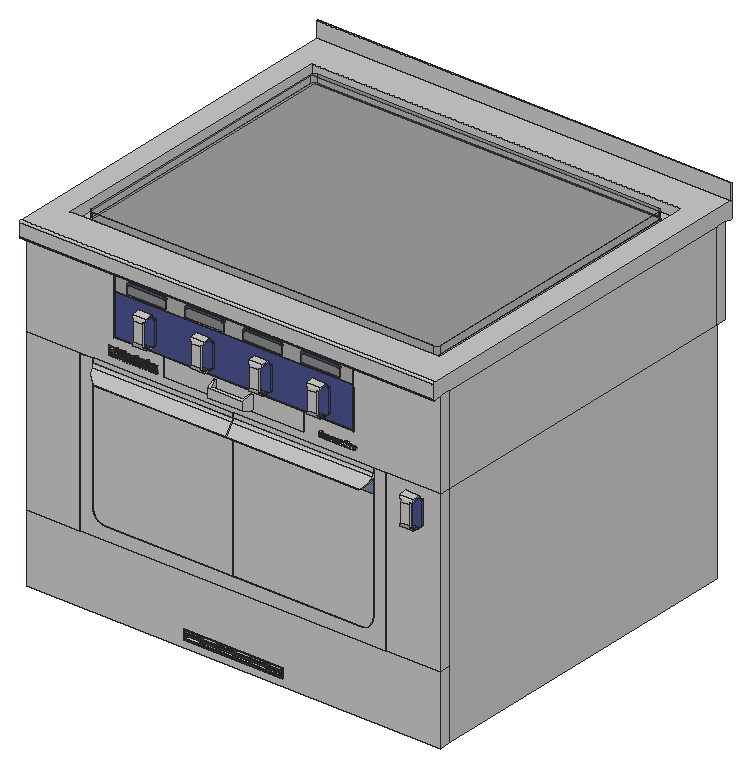
Revit family "QF_ELECTROLUXPROFESSIONAL_589702_MCLPFBJ4AO", category Attrezzature speciali, Revit 2020 (continued)
Definition of nested family "Front_Panel_W1000_Four Knobs"
  Definition of nested family "ELX_Professional_Logo_Small"
    Forms (mm)
      Extrusion 2, solid, material <- "Material_Logo"
        sketch origin (15.5, 0, 0) x (1, 0, 0) y (0, 1, 0)
          loop
            line (-10.76, -2.066) -> (-12.295, -0.468)
            spline (-12.295, -0.468) -> (-12.474, -0.643) -> (-12.659, -0.805) -> (-12.85, -0.953) -> (-13.048, -1.087) -> (-13.254, -1.206) -> (-13.467, -1.311) -> (-13.69, -1.4) -> (-13.921, -1.475) -> (-14.162, -1.533) -> (-14.414, -1.575) -> (-14.677, -1.6) -> (-14.951, -1.609)
            spline (-14.951, -1.609) -> (-15.398, -1.581) -> (-15.823, -1.497) -> (-16.223, -1.362) -> (-16.596, -1.179) -> (-16.937, -0.95) -> (-17.243, -0.678) -> (-17.512, -0.367) -> (-17.739, -0.02) -> (-17.921, 0.36) -> (-18.055, 0.771) -> (-18.138, 1.208) -> (-18.167, 1.669)
          loop
            spline (-4.441, -1.243) -> (-4.659, -1.247) -> (-4.894, -1.23) -> (-5.137, -1.19) -> (-5.384, -1.121) -> (-5.628, -1.021) -> (-5.864, -0.884) -> (-6.084, -0.708) -> (-6.283, -0.488) -> (-6.454, -0.219) -> (-6.592, 0.101) -> (-6.69, 0.478) -> (-6.742, 0.914)
            line (-6.742, 0.914) -> (-6.742, 4.587) -> (-4.487, 4.587) -> (-4.487, 6.838) -> (-6.738, 6.838) -> (-6.738, 10.824) -> (-9.217, 10.824) -> (-9.217, 0.773)
            spline (-9.217, 0.773) -> (-9.164, 0.19) -> (-9.068, -0.358) -> (-8.928, -0.87) -> (-8.742, -1.343) -> (-8.511, -1.777) -> (-8.232, -2.168) -> (-7.904, -2.515) -> (-7.527, -2.816) -> (-7.098, -3.069) -> (-6.618, -3.273) -> (-6.084, -3.426) -> (-5.496, -3.525)
            line (-5.496, -3.525) -> (-4.45, -3.573) -> (-4.441, -1.243)
          loop
            spline (3.898, 6.983) -> (3.469, 7.009) -> (3.056, 7.001) -> (2.661, 6.961) -> (2.283, 6.888) -> (1.925, 6.785) -> (1.588, 6.652) -> (1.272, 6.49) -> (0.979, 6.301) -> (0.71, 6.085) -> (0.465, 5.844) -> (0.247, 5.578) -> (0.056, 5.289)
            line (0.056, 5.289) -> (0.056, 6.838) -> (-2.402, 6.838) -> (-2.402, -3.572) -> (0.056, -3.572) -> (0.056, 1.901)
            spline (0.056, 1.901) -> (0.079, 2.316) -> (0.145, 2.703) -> (0.254, 3.06) -> (0.404, 3.386) -> (0.592, 3.679) -> (0.818, 3.938) -> (1.08, 4.162) -> (1.375, 4.348) -> (1.703, 4.495) -> (2.062, 4.602) -> (2.45, 4.668) -> (2.865, 4.69)
            line (2.865, 4.69) -> (3.898, 4.586) -> (3.898, 6.983)
          loop
            spline (15.638, 1.633) -> (15.586, 2.396) -> (15.435, 3.124) -> (15.192, 3.81) -> (14.863, 4.449) -> (14.455, 5.034) -> (13.975, 5.56) -> (13.43, 6.021) -> (12.826, 6.411) -> (12.17, 6.724) -> (11.469, 6.955) -> (10.729, 7.098) -> (9.958, 7.147)
            spline (9.958, 7.147) -> (9.182, 7.098) -> (8.44, 6.955) -> (7.737, 6.724) -> (7.081, 6.411) -> (6.477, 6.021) -> (5.933, 5.56) -> (5.454, 5.034) -> (5.048, 4.449) -> (4.721, 3.81) -> (4.479, 3.124) -> (4.329, 2.396) -> (4.277, 1.633)
            spline (4.277, 1.633) -> (4.329, 0.869) -> (4.479, 0.141) -> (4.721, -0.544) -> (5.048, -1.183) -> (5.454, -1.768) -> (5.933, -2.294) -> (6.477, -2.755) -> (7.081, -3.145) -> (7.737, -3.459) -> (8.44, -3.69) -> (9.182, -3.833) -> (9.958, -3.882)
            spline (9.958, -3.882) -> (10.729, -3.833) -> (11.469, -3.69) -> (12.17, -3.459) -> (12.826, -3.145) -> (13.43, -2.755) -> (13.975, -2.294) -> (14.455, -1.768) -> (14.863, -1.183) -> (15.192, -0.544) -> (15.435, 0.141) -> (15.586, 0.869) -> (15.638, 1.633)
          loop
            spline (13.18, 1.633) -> (13.151, 2.083) -> (13.067, 2.513) -> (12.932, 2.918) -> (12.748, 3.296) -> (12.52, 3.642) -> (12.251, 3.954) -> (11.943, 4.227) -> (11.601, 4.459) -> (11.228, 4.645) -> (10.828, 4.782) -> (10.403, 4.867) -> (9.958, 4.896)
            spline (9.958, 4.896) -> (9.509, 4.867) -> (9.081, 4.782) -> (8.679, 4.645) -> (8.306, 4.459) -> (7.964, 4.227) -> (7.658, 3.954) -> (7.39, 3.642) -> (7.163, 3.296) -> (6.981, 2.918) -> (6.847, 2.513) -> (6.765, 2.083) -> (6.736, 1.633)
            spline (6.736, 1.633) -> (6.765, 1.182) -> (6.847, 0.753) -> (6.981, 0.347) -> (7.163, -0.031) -> (7.39, -0.377) -> (7.658, -0.689) -> (7.964, -0.962) -> (8.306, -1.193) -> (8.679, -1.38) -> (9.081, -1.517) -> (9.509, -1.602) -> (9.958, -1.631)
            spline (9.958, -1.631) -> (10.403, -1.602) -> (10.828, -1.517) -> (11.228, -1.38) -> (11.601, -1.193) -> (11.943, -0.962) -> (12.251, -0.689) -> (12.52, -0.377) -> (12.748, -0.031) -> (12.932, 0.347) -> (13.067, 0.753) -> (13.151, 1.182) -> (13.18, 1.633)
          loop
            line (17.162, 4.269) -> (17.162, -3.573) -> (19.642, -3.573) -> (19.642, 10.824) -> (17.162, 10.824) -> (17.162, 4.269)
          loop
            line (28.581, 6.838) -> (28.581, 0.786)
            spline (28.581, 0.786) -> (28.561, 0.393) -> (28.503, 0.038) -> (28.409, -0.279) -> (28.281, -0.559) -> (28.122, -0.802) -> (27.933, -1.011) -> (27.717, -1.185) -> (27.476, -1.325) -> (27.213, -1.433) -> (26.929, -1.509) -> (26.626, -1.554) -> (26.308, -1.569)
            spline (26.308, -1.569) -> (25.99, -1.554) -> (25.688, -1.509) -> (25.404, -1.434) -> (25.141, -1.326) -> (24.9, -1.187) -> (24.684, -1.014) -> (24.496, -0.807) -> (24.336, -0.565) -> (24.209, -0.288) -> (24.115, 0.026) -> (24.057, 0.376) -> (24.037, 0.765)
            line (24.037, 0.765) -> (24.037, 6.838) -> (21.537, 6.838) -> (21.537, 0.558)
            spline (21.537, 0.558) -> (21.581, -0.153) -> (21.71, -0.8) -> (21.916, -1.384) -> (22.195, -1.904) -> (22.54, -2.362) -> (22.944, -2.757) -> (23.403, -3.09) -> (23.909, -3.362) -> (24.456, -3.572) -> (25.04, -3.722) -> (25.652, -3.811) -> (26.288, -3.841)
            spline (26.288, -3.841) -> (26.929, -3.811) -> (27.547, -3.72) -> (28.135, -3.568) -> (28.687, -3.355) -> (29.197, -3.079) -> (29.66, -2.741) -> (30.068, -2.341) -> (30.415, -1.877) -> (30.696, -1.349) -> (30.905, -0.757) -> (31.034, -0.101) -> (31.079, 0.621)
            line (31.079, 0.621) -> (31.079, 6.838) -> (28.581, 6.838)
          loop
            line (40.457, -0.243) -> (38.894, 1.942) -> (40.83, 4.579) -> (42.488, 6.837) -> (39.782, 6.837) -> (37.53, 3.719) -> (35.258, 6.837) -> (32.573, 6.837) -> (34.113, 4.731) -> (36.167, 1.922) -> (34.014, -1.076) -> (32.222, -3.573) -> (34.887, -3.573) -> (37.53, 0.104) -> (40.174, -3.573) -> (42.839, -3.573) -> (40.457, -0.243)
          loop
            line (-46.121, -5.837) -> (-48.039, -5.837) -> (-48.039, -10.814) -> (-47.016, -10.814) -> (-47.016, -9.128) -> (-46.121, -9.128)
            arc (-46.121, -9.128) -> (-44.476, -7.482) -> (-46.121, -5.837) r 1.645
          loop
            line (-46.163, -6.778) -> (-47.016, -6.778) -> (-47.016, -8.187) -> (-46.163, -8.187)
            arc (-46.163, -8.187) -> (-45.458, -7.482) -> (-46.163, -6.778) r 0.704
          loop
            line (-38.313, -5.837) -> (-40.265, -5.837) -> (-40.265, -10.814) -> (-39.241, -10.814) -> (-39.241, -9.1) -> (-38.46, -9.182) -> (-37.48, -10.814) -> (-36.318, -10.814) -> (-37.513, -8.848)
            arc (-37.513, -8.848) -> (-36.888, -8.266) -> (-36.671, -7.441) r 1.536
            arc (-36.671, -7.441) -> (-37.165, -6.305) -> (-38.313, -5.837) r 1.643
          loop
            arc (-38.402, -8.166) -> (-37.707, -7.505) -> (-38.334, -6.778) r 0.696
            line (-38.334, -6.778) -> (-39.241, -6.778) -> (-39.241, -8.166) -> (-38.402, -8.166)
          loop
            circle (-29.965, -8.325) r 2.585
          loop
            circle (-29.965, -8.325) r 1.64
          loop
            line (-23.1, -5.837) -> (-23.1, -10.814) -> (-22.076, -10.814) -> (-22.076, -8.768) -> (-20.204, -8.768) -> (-20.204, -7.828) -> (-22.076, -7.828) -> (-22.076, -6.778) -> (-20.024, -6.778) -> (-20.024, -5.837) -> (-23.1, -5.837)
          loop
            line (-15.802, -5.837) -> (-15.802, -9.2)
            arc (-15.802, -9.2) -> (-15.343, -10.34) -> (-14.209, -10.814) r 1.593
            line (-14.209, -10.814) -> (-12.602, -10.814) -> (-12.602, -10.027) -> (-14.004, -10.027)
            arc (-14.004, -10.027) -> (-14.552, -9.8) -> (-14.779, -9.252) r 0.775
            line (-14.779, -9.252) -> (-14.779, -8.424) -> (-12.789, -8.424) -> (-12.789, -7.642) -> (-14.779, -7.642) -> (-14.779, -6.778) -> (-12.651, -6.778) -> (-12.651, -5.837) -> (-15.802, -5.837)
          loop
            line (-5.909, -7.143) -> (-5.173, -6.638)
            arc (-5.173, -6.638) -> (-5.855, -5.974) -> (-6.781, -5.755) r 1.782
            arc (-6.781, -5.755) -> (-7.397, -5.878) -> (-7.944, -6.189) r 1.974
            arc (-7.944, -6.189) -> (-8.202, -6.5) -> (-8.317, -6.888) r 1.013
            arc (-8.317, -6.888) -> (-8.306, -7.341) -> (-8.192, -7.78) r 1.985
            arc (-8.192, -7.78) -> (-7.749, -8.259) -> (-7.171, -8.563) r 1.928
            arc (-7.171, -8.563) -> (-6.637, -8.779) -> (-6.131, -9.056) r 5.041
            arc (-6.131, -9.056) -> (-5.934, -9.387) -> (-6.09, -9.74) r 0.42
            arc (-6.09, -9.74) -> (-6.631, -9.96) -> (-7.204, -9.845) r 1.016
            arc (-7.204, -9.845) -> (-7.625, -9.603) -> (-7.889, -9.196) r 1.033
            line (-7.889, -9.196) -> (-8.67, -9.686)
            arc (-8.67, -9.686) -> (-8.361, -10.198) -> (-7.908, -10.589) r 1.914
            arc (-7.908, -10.589) -> (-7.334, -10.834) -> (-6.714, -10.896) r 2.063
            arc (-6.714, -10.896) -> (-5.947, -10.743) -> (-5.256, -10.376) r 2.696
            arc (-5.256, -10.376) -> (-4.95, -9.565) -> (-5.108, -8.712) r 1.618
            arc (-5.108, -8.712) -> (-5.448, -8.319) -> (-5.884, -8.035) r 1.876
            arc (-5.884, -8.035) -> (-6.434, -7.789) -> (-6.999, -7.577) r 9.883
            arc (-6.999, -7.577) -> (-7.325, -7.07) -> (-6.854, -6.694) r 0.45
            arc (-6.854, -6.694) -> (-6.329, -6.809) -> (-5.909, -7.143) r 1.197
          loop
            line (1.61, -7.143) -> (2.345, -6.638)
            arc (2.345, -6.638) -> (1.663, -5.974) -> (0.737, -5.755) r 1.782
            arc (0.737, -5.755) -> (0.121, -5.878) -> (-0.425, -6.189) r 1.974
            arc (-0.425, -6.189) -> (-0.683, -6.5) -> (-0.799, -6.888) r 1.013
            arc (-0.799, -6.888) -> (-0.788, -7.341) -> (-0.674, -7.78) r 1.985
            arc (-0.674, -7.78) -> (-0.231, -8.259) -> (0.347, -8.563) r 1.928
            arc (0.347, -8.563) -> (0.881, -8.779) -> (1.387, -9.056) r 5.041
            arc (1.387, -9.056) -> (1.584, -9.387) -> (1.428, -9.74) r 0.42
            arc (1.428, -9.74) -> (0.887, -9.96) -> (0.314, -9.845) r 1.016
            arc (0.314, -9.845) -> (-0.107, -9.603) -> (-0.371, -9.196) r 1.033
            line (-0.371, -9.196) -> (-1.152, -9.686)
            arc (-1.152, -9.686) -> (-0.842, -10.198) -> (-0.39, -10.589) r 1.914
            arc (-0.39, -10.589) -> (0.184, -10.834) -> (0.804, -10.896) r 2.063
            arc (0.804, -10.896) -> (1.572, -10.743) -> (2.263, -10.376) r 2.696
            arc (2.263, -10.376) -> (2.568, -9.565) -> (2.411, -8.712) r 1.618
            arc (2.411, -8.712) -> (2.07, -8.319) -> (1.635, -8.035) r 1.876
            arc (1.635, -8.035) -> (1.084, -7.789) -> (0.519, -7.577) r 9.883
            arc (0.519, -7.577) -> (0.193, -7.07) -> (0.665, -6.694) r 0.45
            arc (0.665, -6.694) -> (1.189, -6.809) -> (1.61, -7.143) r 1.197
          loop
            line (6.801, -5.837) -> (6.801, -10.814) -> (7.825, -10.814) -> (7.825, -5.837) -> (6.801, -5.837)
          loop
            circle (14.724, -8.325) r 1.548
          loop
            circle (14.724, -8.325) r 2.585
          loop
            line (21.59, -10.814) -> (22.623, -10.814) -> (22.623, -7.685) -> (24.9, -10.814) -> (25.895, -10.814) -> (25.895, -5.837) -> (24.861, -5.837) -> (24.861, -9.061) -> (22.585, -5.837) -> (21.59, -5.837) -> (21.59, -10.814)
          loop
            line (31.054, -10.814) -> (31.539, -9.74) -> (33.38, -9.74) -> (33.865, -10.814) -> (34.965, -10.814) -> (32.46, -5.837) -> (29.956, -10.814) -> (31.054, -10.814)
          loop
            line (32.46, -7.698) -> (31.999, -8.719) -> (32.921, -8.719) -> (32.46, -7.698)
          loop
            line (40.047, -9.873) -> (40.047, -5.837) -> (39.024, -5.837) -> (39.024, -10.814) -> (41.961, -10.814) -> (41.961, -9.873) -> (40.047, -9.873)
          loop
            line (-74.986, -10.814) -> (-53.322, -10.814) -> (-53.322, 10.82) -> (-74.986, 10.82) -> (-74.986, -10.814)
          loop
            line (-61.261, 9.758) -> (-61.261, -9.707)
            arc (-61.261, -9.707) -> (-54.066, 0.025) -> (-61.261, 9.758) r 10.18
          loop
            line (-62.251, 8.349) -> (-62.251, 9.758)
            arc (-62.251, 9.758) -> (-70.347, 7.918) -> (-74.247, 0.59) r 9.976
            line (-74.247, 0.59) -> (-71.026, 0.59)
            arc (-71.026, 0.59) -> (-65.274, 2.925) -> (-62.251, 8.349) r 9.351
          loop
            arc (-74.247, -0.539) -> (-70.353, -7.928) -> (-62.251, -9.957) r 10.237
            line (-62.251, -9.957) -> (-62.251, -8.298)
            arc (-62.251, -8.298) -> (-65.274, -2.874) -> (-71.026, -0.539) r 9.351
            line (-71.026, -0.539) -> (-74.247, -0.539)
        from 0 to 1.644
    Dimensions and locks
      aligned and locked: plane 2 to Extrusion 1
      aligned and locked: level to Extrusion 1
Definition of nested family "H450H2W1000_2DOOR"
  Parameters
    Width [instance] = 680 mm
    Wdoor [instance] = Width / 2  # 340 mm
    Show Clearance [instance] = yes
    Model = "727995"
    Height = 450 mm
    Default Elevation = 0 mm
  Reference planes
    plane 1 "Center (Front/Back)": y = 0
    plane 2: z = 0
    plane 3 "Center (Left/Right)": x = 36.042
    plane 4 "panel": z = 25
    plane 5: x = -303.958
    plane 6: x = 376.042
    plane 7: y = 450
    plane 8: z = 340
    plane 9: z = 45
  Forms (mm)
    Extrusion 1, solid
      sketch origin (0, -919.2, 0) x (1, 0, 0) y (0, 1, 0)
        loop
          line (-980.5, 2119.2) -> (-980.5, -162.846) -> (881.94, -162.846) -> (881.94, 2119.2) -> (-980.5, 2119.2)
      from 0 to -59.546
    Extrusion 2, solid
      sketch origin (0, 0, 0) x (1, 0, 0) y (0, 1, 0)
        loop
          line (374.042, 393) -> (37.042, 393) -> (37.042, 97) -> (344.042, 97)
          arc (344.042, 97) -> (365.255, 105.787) -> (374.042, 127) r 30
          line (374.042, 127) -> (374.042, 393)
        loop
          arc (-301.958, 127) -> (-293.171, 105.787) -> (-271.958, 97) r 30
          line (-271.958, 97) -> (35.042, 97) -> (35.042, 393) -> (-301.958, 393) -> (-301.958, 127)
      from 0 to 25
    Extrusion 3, solid
      sketch origin (0, 0, 0) x (1, 0, 0) y (0, 1, 0)
        loop
          line (-301.958, 393) -> (35.042, 393) -> (35.042, 440) -> (-301.958, 440) -> (-301.958, 393)
        loop
          line (37.042, 440) -> (37.042, 393) -> (374.042, 393) -> (374.042, 440) -> (37.042, 440)
      from 0 to 25
    Extrusion 4, solid
      sketch origin (5.581, 79.805, 0) x (1, 0, 0) y (0, 1, 0)
        loop
          line (-307.539, 360.195) -> (29.461, 360.195) -> (29.461, 370.195) -> (-307.539, 370.195) -> (-307.539, 360.195)
        loop
          line (31.461, 370.195) -> (31.461, 360.195) -> (368.461, 360.195) -> (368.461, 370.195) -> (31.461, 370.195)
      from 0 to 25
    Extrusion 5, solid
      sketch origin (36.042, 0, 0) x (0, 1, 0) y (0, 0, 1)
        loop
          line (426.693, 25) -> (440.02, 25)
          arc (440.02, 25) -> (435.261, 25.775) -> (430.993, 28.02) r 15
          line (430.993, 28.02) -> (406.653, 46.362) -> (403.644, 42.369) -> (426.693, 25)
      from 1 to 338
    Extrusion 6, solid
      sketch origin (36.042, 0, 0) x (0, 1, 0) y (0, 0, 1)
        loop
          line (426.693, 25) -> (440.02, 25)
          arc (440.02, 25) -> (435.261, 25.775) -> (430.993, 28.02) r 15
          line (430.993, 28.02) -> (406.653, 46.362) -> (403.644, 42.369) -> (426.693, 25)
      from -338 to -1
    Extrusion 7, void
      sketch origin (0, 0, 0) x (1, 0, 0) y (0, 1, 0)
        loop
          arc (374.042, 426.693) -> (364.508, 412.772) -> (350.317, 403.644) r 42.603
          line (350.317, 403.644) -> (374.042, 403.644) -> (374.042, 426.693)
      from 0 to 47.9
    Extrusion 8, void
      sketch origin (72.084, 0, 0) x (-1, 0, 0) y (0, -1, 0)
        loop
          line (374.042, -426.693) -> (374.042, -403.644) -> (350.317, -403.644)
          arc (350.317, -403.644) -> (364.508, -412.772) -> (374.042, -426.693) r 42.603
      from 0 to 47.9
    Extrusion 9, solid, detail levels coarse
      sketch origin (0, 0, 0) x (1, 0, 0) y (0, 0, 1)
        loop
          arc (36.231, 25) -> (-56.085, 247.873) -> (-278.958, 340.189) r 315.189
          line (-278.958, 340.189) -> (-278.958, 25) -> (36.231, 25)
      from -450 to -97
    Extrusion 10, solid, detail levels coarse
      sketch origin (0, 0, 0) x (1, 0, 0) y (0, 0, 1)
        loop
          arc (351.042, 340) -> (128.303, 247.739) -> (36.042, 25) r 315
          line (36.042, 25) -> (351.042, 25) -> (351.042, 340)
      from -450 to -97
  Cuts and joins
    Extrusion 8 cuts Extrusion 6
    Extrusion 7 cuts Extrusion 5
  Lines and regions (mm)
    symbolic lines
      curve 1: line (376.042, 0, 45) -> (376.042, 0, 340)
      curve 2: line (351.042, 0, 45) -> (351.042, 0, 340)
      curve 3: line (376.042, 0, 340) -> (351.042, 0, 340)
      curve 4: line (-303.958, 0, 45) -> (-303.958, 0, 340)
      curve 5: line (-278.958, 0, 45) -> (-278.958, 0, 340)
      curve 6: line (-303.958, 0, 340) -> (-278.958, 0, 340)
      curve 7: arc (351.042, 0, 340) -> (135.522, 0, 254.731) -> (36.683, 0, 45.088) r 315
      curve 8: arc (35.407, 0, 44.997) -> (-63.405, 0, 254.7) -> (-278.958, 0, 340) r 315
  Dimensions and locks
    plane 4 "panel" to level = 25 mm
    "Width": plane 5 to plane 6
    equal spacing: plane 5, plane 3 "Center (Left/Right)", plane 6
    "Height": plane 1 "Center (Front/Back)" to plane 7
    locked: plane 5 to Extrusion 2 sketch curve at 2
    locked: Extrusion 2 sketch curve to plane 6 at 2
    locked: plane 1 "Center (Front/Back)" to Extrusion 2 sketch curve at 97
    locked: plane 7 to Extrusion 2 sketch curve at 57
    locked: Extrusion 2 sketch curve to plane 3 "Center (Left/Right)" at 1
    locked: plane 3 "Center (Left/Right)" to Extrusion 2 sketch curve at 1
    Extrusion 3 sketch curve to Extrusion 2 = 47 mm
    "Wdoor": plane 8 to level
    locked: curve 2 to curve 1 at 25
    locked: curve 5 to curve 4 at 25
    plane 4 "panel" to plane 9 = 20 mm
    aligned and locked: plane 2 to Extrusion 1
    aligned and locked: level to Extrusion 1
    aligned and locked: plane 4 "panel" to Extrusion 2
    aligned and locked: Extrusion 2 to Extrusion 3 sketch curve
    aligned and locked: Extrusion 3 sketch curve to Extrusion 2  (x2)
    aligned and locked: Extrusion 3 sketch curve to Extrusion 3 sketch curve
    aligned and locked: plane 4 "panel" to Extrusion 3
    aligned and locked: Extrusion 4 sketch curve to Extrusion 4 sketch curve
    aligned and locked: Extrusion 4 sketch curve to Extrusion 3  (x3)
    aligned and locked: Extrusion 3 to Extrusion 4 sketch curve
    aligned and locked: Extrusion 4 sketch curve to plane 7
    aligned and locked: Extrusion 3 to Extrusion 5
    aligned and locked: Extrusion 5 to Extrusion 3
    aligned and locked: Extrusion 6 to Extrusion 3
    aligned and locked: Extrusion 3 to Extrusion 6
    aligned and locked: Extrusion 7 sketch curve to Extrusion 5
    aligned and locked: Extrusion 8 to Extrusion 6
    aligned and locked: Extrusion 4 to Extrusion 8
    aligned and locked: Extrusion 2 to Extrusion 7
    aligned and locked: Extrusion 7 to Extrusion 5
    aligned and locked: Extrusion 4 to Extrusion 3  (x2)
    aligned and locked: Extrusion 3 to Extrusion 2
    aligned and locked: Extrusion 4 to Extrusion 2
    aligned and locked: curve 3 to plane 8
    aligned and locked: curve 1 to plane 6
    aligned and locked: curve 4 to plane 5
    aligned and locked: Extrusion 9 sketch curve to plane 4 "panel"
    aligned and locked: Extrusion 10 sketch curve to curve 7
    aligned and locked: Extrusion 10 sketch curve to curve 2
    aligned and locked: Extrusion 2 to Extrusion 9
    aligned and locked: Extrusion 2 to Extrusion 10
    aligned and locked: plane 7 to Extrusion 9
    aligned and locked: Extrusion 3 to Extrusion 4
  Automatic sketch dimensions
    Extrusion 1 sketch curve to Extrusion 1 sketch curve = 1862.44 mm
    Extrusion 1 sketch curve to Extrusion 1 sketch curve = 2282.046 mm
    Extrusion 2 sketch curve to Extrusion 2 sketch curve = 30 mm  (x2)
    Extrusion 2 sketch curve to plane 1 "Center (Front/Back)" = 97 mm
    Extrusion 2 sketch curve to Extrusion 2 sketch curve = 0 mm
    Extrusion 3 sketch curve to plane 3 "Center (Left/Right)" = 1 mm
    plane 5 to Extrusion 3 sketch curve = 2 mm
    Extrusion 3 sketch curve to Extrusion 3 sketch curve = 0 mm
    Extrusion 5 sketch curve to plane 4 "panel" = 0 mm
    plane 4 "panel" to Extrusion 5 sketch curve = 17.369 mm
    Extrusion 5 sketch curve to plane 7 = 46.356 mm
    plane 4 "panel" to Extrusion 5 sketch curve = 21.362 mm
    Extrusion 5 sketch curve to Extrusion 5 sketch curve = 3.009 mm
    plane 4 "panel" to Extrusion 5 sketch curve = 3.02 mm
    Extrusion 5 sketch curve to Extrusion 5 sketch curve = 9.027 mm
    Extrusion 6 sketch curve to plane 4 "panel" = 0 mm
    plane 4 "panel" to Extrusion 6 sketch curve = 17.369 mm
    Extrusion 6 sketch curve to plane 7 = 46.356 mm
    plane 4 "panel" to Extrusion 6 sketch curve = 21.362 mm
    Extrusion 6 sketch curve to Extrusion 6 sketch curve = 3.009 mm
    plane 4 "panel" to Extrusion 6 sketch curve = 3.02 mm
    Extrusion 6 sketch curve to Extrusion 6 sketch curve = 9.027 mm
    Extrusion 7 sketch curve to Extrusion 7 sketch curve = 23.725 mm
    Extrusion 7 sketch curve to plane 7 = 6.671 mm
    Extrusion 7 sketch curve to plane 6 = 41.221 mm
    Extrusion 7 sketch curve to plane 7 = 23.307 mm
    plane 7 to Extrusion 8 sketch curve = 6.671 mm
    Extrusion 8 sketch curve to plane 5 = 41.221 mm
    Extrusion 8 sketch curve to plane 5 = 25.725 mm
    Extrusion 8 sketch curve to plane 5 = 2 mm
    plane 7 to Extrusion 8 sketch curve = 23.307 mm
    Extrusion 4 sketch curve to Extrusion 4 sketch curve = 10 mm
    Extrusion 4 sketch curve to plane 7 = 10 mm
    curve 2 to plane 9 = 0 mm
    curve 5 to plane 9 = 0 mm
    curve 4 to plane 9 = 0 mm
    curve 1 to plane 9 = 0 mm
    curve 8 to plane 4 "panel" = 0 mm
    curve 5 to plane 8 = 0 mm
    curve 8 to plane 9 = 0.003 mm
    curve 7 to plane 4 "panel" = 0 mm
    plane 9 to curve 7 = 0.088 mm
    plane 5 to Extrusion 9 sketch curve = 25 mm
    plane 3 "Center (Left/Right)" to Extrusion 9 sketch curve = 0.189 mm
Definition of nested family "Warm"
  Reference planes
    plane 1 "Center (Front/Back)": y = 0
    plane 2: z = 0
    plane 3 "Center (Left/Right)": x = 0
  Lines and regions (mm)
    detail lines, in view "Ref. Level"
      curve 1: circle (-165.742, 180.331, 0) r 45 normal (0, 0, 1)
      curve 2: line (-165.742, 125.331, 0) -> (-165.742, 80.331, 0)
      curve 3: line (-165.742, 235.331, 0) -> (-165.742, 280.331, 0)
      curve 4: line (-105.742, 180.331, 0) -> (-65.742, 180.331, 0)
      curve 5: line (-220.742, 180.331, 0) -> (-265.742, 180.331, 0)
      curve 6: line (-126.851, 141.44, 0) -> (-95.031, 109.62, 0)
      curve 7: line (-204.632, 219.221, 0) -> (-236.452, 251.041, 0)
      curve 8: line (-126.851, 219.221, 0) -> (-95.031, 251.041, 0)
      curve 9: line (-204.632, 141.44, 0) -> (-236.452, 109.62, 0)
